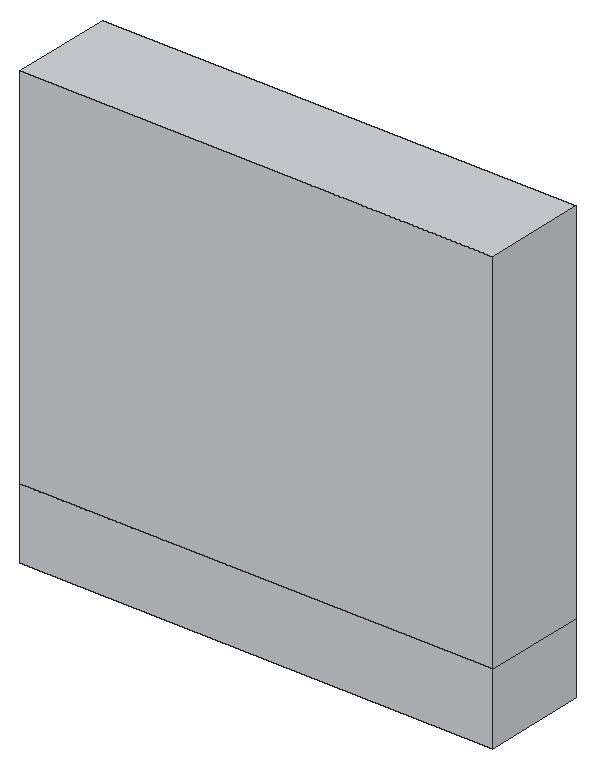
Revit family "Seção Vazia AHU - HDT", category Equipamento mecânico, Revit 2019
Family settings
  Cota do conector redondo = Utilizar diâmetro
  Tipo de parte = Normal
  ID de item do Seek = AHU Filter - Cartridge-0000-CAN-ENU
  Com base no plano de trabalho = Não
  Sempre na vertical = Sim
  Corte com vazios quando carregada = Não
  Compartilhado = Não
  Ponto de cálculo do ambiente = Não
Parameters (values of type "Padrão")
  Material base = none
  Queda de pressão do ar [instance] = 125.0 Pa
  Comprimento 2 = Altura do duto / 2  # 312.5 mm
  Comprimento 1 = Comprimento da unidade / 2  # 400 mm
  Largura da unidade = 175 mm
  Material da caixa = none
  Comprimento da unidade = 800 mm
  Altura da unidade = 745 mm
  Largura do duto = 800 mm
  Altura do duto = 625 mm
  Altura base = 120 mm
  Velocidade do ar [instance] = 2.54 m/s
  Fluxo de ar [instance] = Velocidade do ar * Altura do duto * Largura do duto  # 1270.0 L/s
Reference planes
  plane 1 "Parte frontal": y = 0
  plane 2: z = 0
  plane 3 "Centro (direita/esquerda)": x = 0
  plane 4: x = -374.6
  plane 5: x = 374.6
  plane 6 "Parte posterior": y = 175
  plane 7: z = 745
  plane 8: y = 149.6
  plane 9: z = 719.6
  plane 10: z = 25.4
  plane 11 "Direita": x = 400
  plane 12 "Esquerda": x = -400
  plane 13: x = -400
  plane 14: x = 400
  plane 15 "Superior": z = 685
  plane 16 "Inferior": z = 0
  plane 17: z = 372.5
  plane 18 "Base": z = 120
  plane 19: z = 145
  plane 20 "Centro (Frente/Trás)": y = 87.5
Forms (mm)
  Extrusion 1, solid, material <- "Material da caixa"
    sketch origin (0, 0, 0) x (1, 0, 0) y (0, 1, 0)
      loop
        line (-400, 175) -> (-400, 0) -> (400, 0) -> (400, 175) -> (-400, 175)
    from 120 to 745
  Extrusion 2, solid, material <- "Material base"
    sketch origin (0, 0, 0) x (1, 0, 0) y (0, 1, 0)
      loop
        line (-400, 175) -> (-400, 0) -> (400, 0) -> (400, 175) -> (-400, 175)
    from 0 to 120
Dimensions and locks
  equal spacing: plane 4, plane 3 "Centro (direita/esquerda)", plane 5
  "Largura da unidade": plane 6 "Parte posterior" to plane 1 "Parte frontal"
  "Altura da unidade": plane 7 to plane 2
  locked: plane 8 to plane 6 "Parte posterior" at 25.4
  locked: plane 7 to plane 9 at 25.4
  locked: plane 10 to plane 2 at 25.4
  locked: plane 5 to plane 11 "Direita" at 25.4
  locked: plane 12 "Esquerda" to plane 4 at 25.4
  equal spacing: plane 14, plane 3 "Centro (direita/esquerda)", plane 13
  "Largura do duto": plane 14 to plane 13
  equal spacing: plane 7, plane 17, plane 2
  "Comprimento 2": plane 15 "Superior" to plane 17
  "Altura base": plane 18 "Base" to plane 16 "Inferior"
  locked: plane 19 to plane 18 "Base" at 25
  equal spacing: plane 12 "Esquerda", plane 3 "Centro (direita/esquerda)", plane 11 "Direita"
  "Comprimento da unidade": plane 12 "Esquerda" to plane 11 "Direita"
  equal spacing: plane 6 "Parte posterior", plane 20 "Centro (Frente/Trás)", plane 1 "Parte frontal"
  aligned and locked: Extrusion 1 to plane 12 "Esquerda"
  aligned and locked: plane 6 "Parte posterior" to Extrusion 1
  aligned and locked: plane 11 "Direita" to Extrusion 1
  aligned and locked: plane 1 "Parte frontal" to Extrusion 1
  aligned and locked: plane 7 to Extrusion 1
  aligned and locked: Extrusion 1 to plane 18 "Base"
  aligned and locked: Extrusion 1 to plane 7
  aligned and locked: plane 18 "Base" to Extrusion 2
  aligned and locked: Extrusion 2 to plane 16 "Inferior"
Automatic sketch dimensions
  Extrusion 1 sketch curve to plane 6 "Parte posterior" = 0 mm
  Extrusion 1 sketch curve to plane 12 "Esquerda" = 0 mm
  plane 1 "Parte frontal" to Extrusion 1 sketch curve = 0 mm
  Extrusion 1 sketch curve to plane 11 "Direita" = 0 mm
  Extrusion 2 sketch curve to plane 6 "Parte posterior" = 0 mm
  Extrusion 2 sketch curve to plane 12 "Esquerda" = 0 mm
  plane 1 "Parte frontal" to Extrusion 2 sketch curve = 0 mm
  Extrusion 2 sketch curve to plane 11 "Direita" = 0 mm
Connectors
  hvac at (0, 0, 432.5), driven by "Fluxo de ar", driven by "Altura do duto", driven by "Largura do duto"
    settings: on Extrusion 1, index 1, duct flow 1270.0 L/s, flow factor 0, pres drop 0.0 Pa, loss coef 0, conn angle 0.00°, conn width 800 mm, conn height 625 mm, conn diameter 609.6 mm, duct sys type 1, conn prof type 1, flow config 0, flow direction 0, loss method 0, conn ref index 2, conn util no, is conn primary yes, conn desc ""
  hvac at (0, 175, 432.5), driven by "Queda de pressão do ar", driven by "Fluxo de ar", driven by "Altura do duto", driven by "Largura do duto"
    settings: on Extrusion 1, index 2, duct flow 1270.0 L/s, flow factor 0, pres drop 125.0 Pa, loss coef 0, conn angle 0.00°, conn width 800 mm, conn height 625 mm, conn diameter 609.6 mm, duct sys type 1, conn prof type 1, flow config 0, flow direction 0, loss method 4, conn ref index 1, conn util no, is conn primary no, conn desc ""
Types in the file's own list only (18): name | Comprimento 2 | Comprimento 1 | Comprimento da unidade | Altura da unidade | Largura do duto | Altura do duto
  Para 0.24 metros quadrados de serpentina | 313 mm | 400 mm | 800 mm | 745 mm | 800 mm | 625 mm
  Para 0.31 metros quadrados de serpentina | 313 mm | 488 mm | 975 mm | 745 mm | 975 mm | 625 mm
  Para 0.47 metros quadrados de serpentina | 313 mm | 663 mm | 1325 mm | 745 mm | 1325 mm | 625 mm
  Para 0.67 metros quadrados de serpentina | 400 mm | 663 mm | 1325 mm | 920 mm | 1325 mm | 800 mm
  Para 0.78 metros quadrados de serpentina | 400 mm | 750 mm | 1500 mm | 920 mm | 1500 mm | 800 mm
  Para 0.98 metros quadrados de serpentina | 488 mm | 750 mm | 1500 mm | 1095 mm | 1500 mm | 975 mm
  Para 1.13 metros quadrados de serpentina | 488 mm | 838 mm | 1675 mm | 1095 mm | 1675 mm | 975 mm
  Para 1.57 metros quadrados de serpentina | 575 mm | 925 mm | 1850 mm | 1270 mm | 1850 mm | 1150 mm
  Para 1.88 metros quadrados de serpentina | 750 mm | 838 mm | 1675 mm | 1620 mm | 1675 mm | 1500 mm
  Para 2.12 metros quadrados de serpentina | 750 mm | 925 mm | 1850 mm | 1620 mm | 1850 mm | 1500 mm
  Para 2.44 metros quadrados de serpentina | 838 mm | 1013 mm | 2025 mm | 1795 mm | 2025 mm | 1675 mm
  Para 2.88 metros quadrados de serpentina | 925 mm | 1013 mm | 2025 mm | 1970 mm | 2025 mm | 1850 mm
  Para 3.17 metros quadrados de serpentina | 925 mm | 1100 mm | 2200 mm | 1970 mm | 2200 mm | 1850 mm
  Para 3.46 metros quadrados de serpentina | 925 mm | 1188 mm | 2375 mm | 1970 mm | 2375 mm | 1850 mm
  Para 3.86 metros quadrados de serpentina | 1013 mm | 1188 mm | 2375 mm | 2145 mm | 2375 mm | 2025 mm
  Para 4.19 metros quadrados de serpentina | 1100 mm | 1188 mm | 2375 mm | 2320 mm | 2375 mm | 2200 mm
  Para 5.25 metros quadrados de serpentina | 1100 mm | 1450 mm | 2900 mm | 2320 mm | 2900 mm | 2200 mm
  Para 6.16 metros quadrados de serpentina | 1275 mm | 1450 mm | 2900 mm | 2670 mm | 2900 mm | 2550 mm
